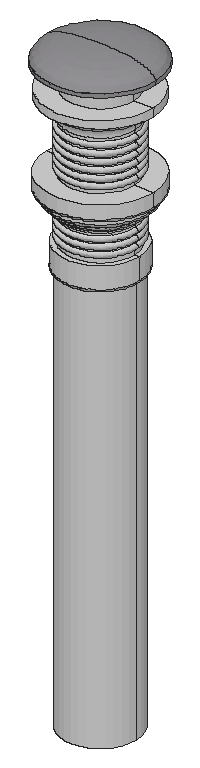
Revit family "935990001-DESAGUE PUSH METAL SR TITANIO", category Plumbing Fixtures, host Face, Revit 2021
Family settings
  Host = Face
  Round Connector Dimension = Use Diameter
  Part Type = Normal
  Cut with Voids When Loaded = No
  Shared = No
  Room Calculation Point = No
Parameters
  Default Elevation = 1219.2 mm
Reference planes
  plane 1 "Center (Front/Back)": y = 0
  plane 2: z = 0
  plane 3 "Center (Left/Right)": x = 0
Forms (mm)
  Revolve 1, solid, material "Cromo-Corona", detail levels medium+fine
    sketch origin (0, 0, 0) x (1, 0, 0) y (0, 0, 1)
      loop
        spline (0, 9.91) -> (-4.634, 9.859) -> (-8.905, 9.698) -> (-12.812, 9.426) -> (-16.355, 9.045) -> (-19.535, 8.553) -> (-22.352, 7.951) -> (-24.805, 7.239) -> (-26.894, 6.417) -> (-28.62, 5.485) -> (-29.983, 4.442) -> (-30.982, 3.29) -> (-31.617, 2.027)
        line (-31.617, 2.027) -> (-31.617, 0) -> (-16.035, 0) -> (-16.035, -2.717) -> (-18.91, -2.717) -> (-18.91, -12.603) -> (-30.043, -12.603) -> (-30.043, -16.974) -> (-22.334, -22.173)
        arc (-22.334, -22.173) -> (-20.348, -24.378) -> (-19.63, -27.258) r 6.134
        line (-19.63, -27.258) -> (-19.63, -28.885)
        arc (-19.63, -28.885) -> (-21.13, -30.385) -> (-19.63, -31.885) r 1.5
        line (-19.63, -31.885) -> (-19.63, -33.359)
        arc (-19.63, -33.359) -> (-21.13, -34.859) -> (-19.63, -36.359) r 1.5
        line (-19.63, -36.359) -> (-19.63, -37.548)
        arc (-19.63, -37.548) -> (-21.13, -39.048) -> (-19.63, -40.548) r 1.5
        line (-19.63, -40.548) -> (-19.63, -41.801)
        arc (-19.63, -41.801) -> (-21.13, -43.301) -> (-19.63, -44.801) r 1.5
        line (-19.63, -44.801) -> (-19.63, -46.044)
        arc (-19.63, -46.044) -> (-21.13, -47.544) -> (-19.63, -49.044) r 1.5
        line (-19.63, -49.044) -> (-19.63, -50.015)
        arc (-19.63, -50.015) -> (-21.13, -51.515) -> (-19.63, -53.015) r 1.5
        line (-19.63, -53.015) -> (-19.63, -55.214) -> (-30.31, -55.214) -> (-30.31, -62.796)
        arc (-30.31, -62.796) -> (-29.978, -63.598) -> (-29.176, -63.93) r 1.134
        line (-29.176, -63.93) -> (-28.327, -63.93)
        arc (-28.327, -63.93) -> (-27.661, -64.205) -> (-27.386, -64.871) r 0.941
        line (-27.386, -64.871) -> (-27.386, -67.083)
        arc (-27.386, -67.083) -> (-26.995, -68.027) -> (-26.051, -68.418) r 1.335
        line (-26.051, -68.418) -> (-25.075, -68.418)
        arc (-25.075, -68.418) -> (-24.443, -68.68) -> (-24.182, -69.311) r 0.893
        line (-24.182, -69.311) -> (-24.182, -70.168)
        arc (-24.182, -70.168) -> (-23.983, -71.035) -> (-23.425, -71.729) r 1.989
        line (-23.425, -71.729) -> (-20.244, -74.241)
        arc (-20.244, -74.241) -> (-19.792, -74.804) -> (-19.63, -75.508) r 1.614
        line (-19.63, -75.508) -> (-19.63, -76.678)
        arc (-19.63, -76.678) -> (-21.13, -78.178) -> (-19.63, -79.678) r 1.5
        line (-19.63, -79.678) -> (-19.63, -80.671)
        arc (-19.63, -80.671) -> (-21.13, -82.171) -> (-19.63, -83.671) r 1.5
        line (-19.63, -83.671) -> (-19.63, -84.741)
        arc (-19.63, -84.741) -> (-21.13, -86.241) -> (-19.63, -87.741) r 1.5
        line (-19.63, -87.741) -> (-19.63, -90.416) -> (-22.611, -90.416) -> (-22.611, -102.725)
        arc (-22.611, -102.725) -> (-22.318, -103.432) -> (-21.611, -103.725) r 1
        line (-21.611, -103.725) -> (-20.5, -103.725) -> (-20.5, -336.59) -> (0, -336.59) -> (0, 9.91)
      axis (0, 9.91) -> (0, -336.59)
    angle from 0 to 360
  Extrusion 2, solid, detail levels coarse
    sketch origin (0, 0, 0) x (1, 0, 0) y (0, 1, 0)
      loop
        circle (0, 0) r 31.617
    from 9.906 to -336.59
Dimensions and locks
  aligned and locked: plane 2 to host face
  aligned and locked: level to host face
Connectors
  piping at (0, 0, -336.59), diameter 38.1
    settings: on Revolve 1, index 1, connector inside diameter 609.6 mm, connector length 0 mm, flow factor 0, pipe flow 0.0 L/s, pressure drop 0.0 Pa, fitting loss kfactor 0, connector angle 0.00°, fixture units 0, engagement length 0 mm, angle of deflection 0.00°, flow configuration 0, flow direction 1, fitting loss method 0, system type 16, joint type 0, gender type 0, connector reference index -1, connector utility 0, adjustable connector no, is connector primary yes, connector description ""
